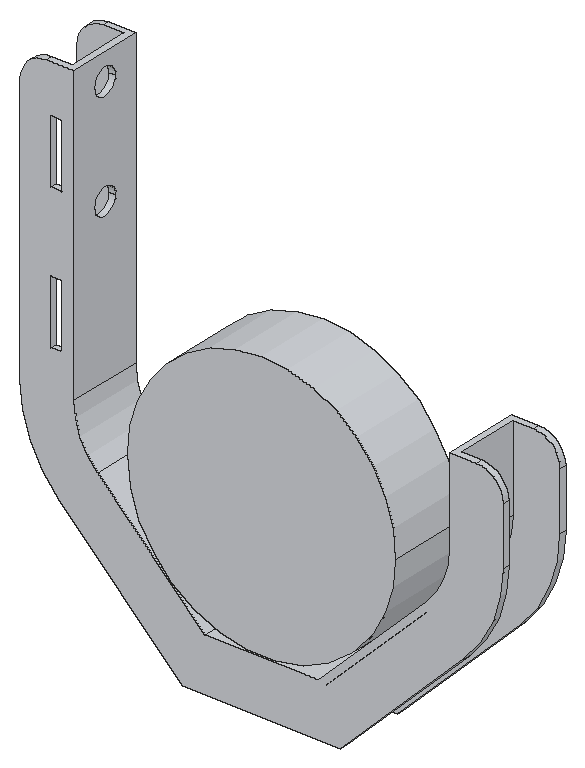
Revit family
Parameters
  URL = "www.siouxchief.com"
  Model = "521-723B"
  Manufacturer = "Sioux Chief Manufacturing"
  Keynote = "Commercial Chase Bracket"
  Description = "2 1/2\" Bracket"
Reference planes (in)
  plane 1 "Center (Front/Back)": y = 0
  plane 2: z = 0
  plane 3 "Center (Left/Right)": x = 0
Forms (in)
  Sweep 1, solid
    path origin (-1.74985, -0.00531, -17.375) x (0, 0, 1) y (-1, 0, 0)
      loop
        line (25.11806, 0) -> (22.36816, 0)
        arc (22.36816, 0) -> (22.08111, -0.0571) -> (21.83776, -0.2197) r 0.7501
        line (21.83776, -0.2197) -> (20.83796, -1.2195) -> (20.83796, -2.2802) -> (21.83776, -3.28)
        arc (21.83776, -3.28) -> (22.08111, -3.4426) -> (22.36816, -3.4997) r 0.7501
        line (22.36816, -3.4997) -> (23.15716, -3.4997)
    profile origin (-1.74985, -0.00531, 6.36811) x (0, -1, 0) y (1, 0, 0)
      loop
        line (-0.359, 0) -> (-0.359, -0.5) -> (-0.299, -0.5) -> (-0.299, -0.06) -> (0.299, -0.06) -> (0.299, -0.5) -> (0.359, -0.5) -> (0.359, 0) -> (-0.359, 0)
  Extrusion 2, void
    sketch origin (2.29588, -0.75, -1.9609) x (0, 0, 1) y (-1, 0, 0)
      loop
        line (7.74306, 0.04603) -> (7.74306, 0.29603)
        arc (7.74306, 0.29603) -> (7.66983, 0.11925) -> (7.49306, 0.04603) r 0.25
        line (7.49306, 0.04603) -> (7.74306, 0.04603)
    from -1.22856 to -0.23725
  Extrusion 3, void
    sketch origin (-2.29588, -0.75, 0) x (0, 0, 1) y (-1, 0, 0)
      loop
        line (7.74306, -0.04603) -> (7.49306, -0.04603)
        arc (7.49306, -0.04603) -> (7.66983, -0.11925) -> (7.74306, -0.29603) r 0.25
        line (7.74306, -0.29603) -> (7.74306, -0.04603)
    from -1.22856 to -0.23725
  Extrusion 4, void
    sketch origin (-2.34405, -0.75, 0.05) x (0, 0, 1) y (-1, 0, 0)
      loop
        line (7.24348, -0.47897) -> (7.24348, -0.37807) -> (6.64348, -0.37807) -> (6.64348, -0.47897) -> (7.24348, -0.47897)
    from -1.10369 to -0.38569
  Extrusion 5, void
    sketch origin (-2.34405, -0.75, -1.288) x (0, 0, 1) y (-1, 0, 0)
      loop
        line (7.24348, -0.47897) -> (7.24348, -0.37807) -> (6.64348, -0.37807) -> (6.64348, -0.47897) -> (7.24348, -0.47897)
    from -1.10369 to -0.38569
  Extrusion 6, void
    sketch origin (-2.29505, 0, 0) x (0, 1, 0) y (0, 0, 1)
      loop
        circle (-0.00531, 7.49306) r 0.125
    from 0.4852 to 0.5452
  Extrusion 7, void
    sketch origin (-2.29505, 0, -1) x (0, 1, 0) y (0, 0, 1)
      loop
        circle (-0.00531, 7.49306) r 0.125
    from 0.4852 to 0.5452
  Extrusion 8, solid
    sketch origin (0, -0.75, 0.86719) x (0, 0, 1) y (-1, 0, 0)
      loop
        circle (3.85184, 0) r 1.25
    from -1.10369 to -0.38569
Cuts and joins
  Extrusion 2, Extrusion 3, Extrusion 4, Extrusion 5, Extrusion 6, Extrusion 7 cuts Sweep 1
Dimensions and locks (in)
  aligned and locked: plane 2 to level
  aligned and locked: cut or joined group of Sweep 1, Extrusion 2, Extrusion 3, Extrusion 4, Extrusion 5, Extrusion 6, Extrusion 7 to Extrusion 8  (x2)
Connectors (in)
  piping at (0, 0.35369, 4.71902)
    settings: on Extrusion 8, index 1, connector radius 1 1/4", flow factor 0, pipe flow 0 GPM, pressure drop 0.00 psi, fitting loss kfactor 0, connector angle 0.00°, fixture units 0, flow configuration 0, flow direction 0, fitting loss method 0, system type 22, connector reference index -1, connector utility 0, adjustable connector no, is connector primary yes, fitting loss table "", connector description ""
  piping at (0, -0.36431, 4.71902)
    settings: on Extrusion 8, index 2, connector radius 1 1/4", flow factor 0, pipe flow 0 GPM, pressure drop 0.00 psi, fitting loss kfactor 0, connector angle 0.00°, fixture units 0, flow configuration 0, flow direction 0, fitting loss method 0, system type 22, connector reference index -1, connector utility 0, adjustable connector no, is connector primary no, fitting loss table "", connector description ""
